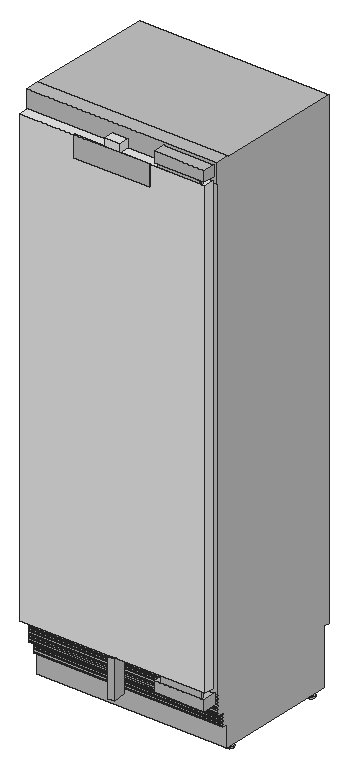
Revit family "FP-Revit18-RS7621SRHK1-Fridge-0-AU-EU-IE-NZ-UK-90001117A", category Specialty Equipment, Revit 2020
Family settings
  Round Connector Dimension = Use Diameter
  Part Type = Normal
  OmniClass Number = 23.40.40.11.11
  OmniClass Title = Refrigerators and Freezers
  Work Plane-Based = No
  Always vertical = Yes
  Cut with Voids When Loaded = Yes
  Shared = No
  Room Calculation Point = No
Parameters (values of type "RS7621SRHE1")
  Visibility - Water Connection = yes
  Visibility - Visibility Control Note = yes
  Visibility - Clearance Required = yes
  URL = "www.fisherpaykel.com"
  Stainless Steel Door Panels (RD7621R10D) = no
  Product - Width = 756 mm  # constant formula
  Product - Height = 2134 mm  # constant formula
  Product - Depth (exl front panel) = 610 mm  # constant formula
  Model = "RS7621SRHE1"
  Material - Handle = Fisher & Paykel - Aluminium
  Material - Door Structure = Fisher & Paykel - White
  Material - Door Front = Fisher & Paykel - Stainless Steel
  Material - Body = Fisher & Paykel - Grey
  Manufacturer = "Fisher & Paykel Appliances"
  Handle Style - Contemporary Square (AHD3-RD21) = no
  Handle Style - Contemporary Round (AHS-RD21) = no
  Description = "76cm Integrated Column Refrigerator with internal water, stainless steel interior"
  Default Elevation = 0 mm
  Connector Description - Water = "1/2 BSP Stainless steel braided hose"
  Connector Description - Electrical = "230 V,10 A fused electrical supply"
  Cavity - Width = 762 mm  # constant formula
  Cavity - Height = 2134 mm  # constant formula
  Cavity - Depth = 650 mm  # constant formula
Types (3, lengths in mm): name | Visibility - Water Connection | Model | Description | Connector Description - Water
  (no name) | yes | "RS7621SRHE1" | "76cm Integrated Column Refrigerator with internal water, stainless steel interior" | "1/2 BSP Stainless steel braided hose"
  RS7621SRK1 | no | "RS7621SRK1" | "76cm Integrated Column Refrigerator, stainless steel interior" | "Water Supply not required"
  RS7621SRHE1 | yes | "RS7621SRHE1" | "76cm Integrated Column Refrigerator with internal water, stainless steel interior" | "1/2 BSP Stainless steel braided hose"
Reference planes
  plane 1 "Datum": y = 0
  plane 2: z = 0
  plane 3 "Center (Left/Right)": x = 0
  plane 4 "Product LHS": x = -378
  plane 5 "Product RHS": x = 378
  plane 6 "Product - Depth": y = 610
  plane 7 "Cavity LHS": x = -381
  plane 8 "Cavity RHS": x = 381
  plane 9 "Cavity - Depth": y = 628
  plane 10 "Handle Offset": x = -315
  plane 11 "Product Height": z = 2134
  plane 12 "Cavity Height": z = 2134
  plane 13 "Door Panel Datum": y = -4.1
Forms (mm)
  Extrusion 1, solid, material "Fisher & Paykel - Grey" <- "Material - Body", detail levels fine
    sketch origin (0, 0, 0) x (0, 1, 0) y (0, 0, 1)
      loop
        line (100.1, 19.1) -> (587.9, 19.1) -> (587.9, 239.7) -> (610, 239.7) -> (610, 2131.9) -> (105.1, 2131.9) -> (105.1, 2134) -> (49.9, 2134) -> (49.9, 2059) -> (56, 2059) -> (56, 228.6) -> (59.5, 228.6) -> (59.5, 219.7) -> (56.5, 219.7) -> (56.5, 215.9) -> (59.5, 215.9) -> (59.5, 207) -> (56.5, 207) -> (56.5, 203.2) -> (59.5, 203.2) -> (59.5, 194.3) -> (56.5, 194.3) -> (56.5, 190.5) -> (59.5, 190.5) -> (59.5, 181.6) -> (56.5, 181.6) -> (56.5, 177.8) -> (59.5, 177.8) -> (59.5, 168.9) -> (56.5, 168.9) -> (56.5, 165.1) -> (59.5, 165.1) -> (59.5, 156.2) -> (56.5, 156.2) -> (56.5, 152.4) -> (84.1, 152.4) -> (84.1, 143.5) -> (81.1, 143.5) -> (81.1, 139.7) -> (84.1, 139.7) -> (84.1, 130.8) -> (81.1, 130.8) -> (81.1, 127) -> (84.1, 127) -> (84.1, 118.1) -> (81.1, 118.1) -> (81.1, 114.3) -> (84.1, 114.3) -> (84.1, 105.4) -> (81.1, 105.4) -> (81.1, 101.6) -> (100.1, 101.6) -> (100.1, 19.1)
    from -378 to 378
  Extrusion 2, solid, material "Fisher & Paykel - Grey" <- "Material - Body"
    sketch origin (0, 0, 0) x (1, 0, 0) y (0, 1, 0)
      loop
        circle (-357.5, 547.8) r 4.1
      loop
        circle (-357.5, 141.8) r 4.1
      loop
        circle (357.5, 547.8) r 4.1
      loop
        circle (357.5, 141.8) r 4.1
    from 3 to 19.1
  Extrusion 3, solid, material "Fisher & Paykel - Grey" <- "Material - Body"
    sketch origin (0, 0, 0) x (1, 0, 0) y (0, 1, 0)
      loop
        circle (-357.5, 547.8) r 14.5
      loop
        circle (-357.5, 141.8) r 14.555
      loop
        circle (357.5, 547.8) r 14.5
      loop
        circle (357.5, 141.8) r 14.555
    from 0 to 3
  Extrusion 4, solid, material "Fisher & Paykel - Grey" <- "Material - Body", detail levels fine
    sketch origin (0, 0, 0) x (1, 0, 0) y (0, 1, 0)
      loop
        line (-7.5, 49) -> (-13.797, -4.1) -> (13.797, -4.1) -> (7.5, 49) -> (-7.5, 49)
    from 104.2 to 254.2
  Extrusion 5, solid, material "Fisher & Paykel - Grey" <- "Material - Body", detail levels fine
    sketch origin (0, 0, 0) x (1, 0, 0) y (0, 0, 1)
      loop
        line (366.4, 2123.15) -> (168.42, 2123.15) -> (168.42, 2081.05) -> (366.4, 2081.05) -> (366.4, 2123.15)
    from -49 to -2.5
  Extrusion 6, solid, material "Fisher & Paykel - Grey" <- "Material - Body", detail levels fine
    sketch origin (0, 0, 0) x (0, 1, 0) y (0, 0, 1)
      loop
        line (0, 2070.6) -> (0, 1988.6) -> (2, 1988.6) -> (2, 2068.6) -> (4, 2068.6) -> (4, 2070.6) -> (0, 2070.6)
    from -150 to 150
  Extrusion 7, solid, material "Fisher & Paykel - Grey" <- "Material - Body"
    sketch origin (0, 0, 0) x (1, 0, 0) y (0, 0, 1)
      loop
        circle (303, 119.813) r 5
      loop
        circle (-303, 119.813) r 5
    from -590 to -587.9
  Extrusion 8, solid, material "Fisher & Paykel - White" <- "Material - Door Structure"
    sketch origin (0, 0, 0) x (1, 0, 0) y (0, 1, 0)
      loop
        line (-353, 56) -> (-353, 42) -> (353, 42) -> (353, 56) -> (-353, 56)
    from 269.6 to 2030.7
  Extrusion 9, solid, material "Fisher & Paykel - White" <- "Material - Door Structure"
    sketch origin (0, 0, 0) x (1, 0, 0) y (0, 1, 0)
      loop
        line (-369.4, 42) -> (-369.4, 3) -> (369.4, 3) -> (369.4, 42) -> (-369.4, 42)
    from 254.2 to 2068.6
  Extrusion 10, solid, material "Fisher & Paykel - White" <- "Material - Door Structure", detail levels fine
    sketch origin (0, 0, 0) x (1, 0, 0) y (0, 0, 1)
      loop
        line (-29.5, 2100.1) -> (-29.5, 2068.6) -> (29.5, 2068.6) -> (29.5, 2100.1) -> (-29.5, 2100.1)
    from -42 to -3
  Extrusion 11, solid, material "Fisher & Paykel - Stainless Steel" <- "Material - Door Front", visible <- "Stainless Steel Door Panels (RD7621R10D)"
    sketch origin (0, 0, 0) x (0, 1, 0) y (0, 0, 1)
      loop
        line (-22.1, 2130.8) -> (-22.1, 102) -> (-4.1, 102) -> (-4.1, 2130.8) -> (-22.1, 2130.8)
    from -378 to 378
  Extrusion 12, solid, material "Fisher & Paykel - Grey" <- "Material - Body", detail levels coarse+medium
    sketch origin (0, 0, 0) x (0, 1, 0) y (0, 0, 1)
      loop
        line (49.9, 2134) -> (49.9, 2059) -> (56, 2059) -> (56, 152.4) -> (81.1, 152.4) -> (81.1, 101.6) -> (100.1, 101.6) -> (100.1, 19.1) -> (587.9, 19.1) -> (587.9, 239.7) -> (610, 239.7) -> (610, 2134) -> (49.9, 2134)
    from -378 to 378
  Extrusion 13, solid, material "Fisher & Paykel - Grey" <- "Material - Body", detail levels fine
    sketch origin (0, 0, 0) x (1, 0, 0) y (0, 0, 1)
      loop
        line (366.4, 187.65) -> (366.4, 229.75) -> (168.42, 229.75) -> (168.42, 187.65) -> (366.4, 187.65)
    from -56 to -2.5
  Extrusion 14, solid, material "Fisher & Paykel - Grey" <- "Material - Body", detail levels fine
    sketch origin (0, 0, -4) x (0, 1, 0) y (0, 0, 1)
      loop
        arc (163.888, 23.1) -> (180.4, 13.63) -> (196.912, 23.1) r 19.13
        line (196.912, 23.1) -> (163.888, 23.1)
      loop
        arc (493.888, 23.1) -> (510.4, 13.63) -> (526.912, 23.1) r 19.13
        line (526.912, 23.1) -> (493.888, 23.1)
    from 191 to 219
  Extrusion 15, solid, material "Fisher & Paykel - Grey" <- "Material - Body", detail levels fine
    sketch origin (0, 0, -4) x (0, 1, 0) y (0, 0, -1)
      loop
        line (163.888, -23.1) -> (196.912, -23.1)
        arc (196.912, -23.1) -> (180.4, -13.63) -> (163.888, -23.1) r 19.13
      loop
        line (493.888, -23.1) -> (526.912, -23.1)
        arc (526.912, -23.1) -> (510.4, -13.63) -> (493.888, -23.1) r 19.13
    from 191 to 219
  Extrusion 16, solid, material "Fisher & Paykel - Clearance Required", visible <- "Visibility - Clearance Required", detail levels coarse
    sketch origin (0, 0, 0) x (1, 0, 0) y (0, 1, 0)
      loop
        line (-381, 628) -> (-381, -4.1) -> (381, -4.1) -> (381, 628) -> (-381, 628)
    from 0 to 2134
  Extrusion 17, void
    sketch origin (0, 0, 0) x (1, 0, 0) y (0, 1, 0)
      loop
        line (-381, 628) -> (-381, -22.1) -> (381, -22.1) -> (381, 628) -> (-381, 628)
    from 0 to 2134
  Extrusion 18, solid, material "Fisher & Paykel - Grey" <- "Material - Body", detail levels fine
    sketch origin (73, 0, 0) x (1, 0, 0) y (0, 0, 1)
      loop
        line (118.4, 254.2) -> (118.4, 229.75) -> (282.9, 229.75) -> (282.9, 254.2) -> (118.4, 254.2)
      loop
        line (106, 2081.05) -> (106, 2068.6) -> (282.9, 2068.6) -> (282.9, 2076.05) -> (242.9, 2081.05) -> (106, 2081.05)
    from -7 to -4
  Extrusion 19, solid, material "Fisher & Paykel - Clearance Required", visible <- "Visibility - Clearance Required", detail levels coarse
    sketch origin (0, 0, 0) x (1, 0, 0) y (0, 1, 0)
      loop
        line (-328.5, -22) -> (-377.998, -22)
        arc (-377.998, -22) -> (-22.041, -691.901) -> (734.607, -746.265) r 783.526
        line (734.607, -746.265) -> (712.602, -698.95) -> (738.875, -686.699)
        arc (738.875, -686.699) -> (747.815, -662.137) -> (723.253, -653.197) r 18.483
        line (723.253, -653.197) -> (697.006, -665.395) -> (415.929, -60.595)
        arc (415.929, -60.595) -> (380.987, -57.006) -> (378.07, -22) r 27.504
        line (378.07, -22) -> (-328.5, -22)
    from 0 to 2134
Lines and regions (mm)
  model lines, style "Fisher & Paykel"
    curve 1: line (-378, -4.1, 2130.8) -> (378, -4.1, 2130.8)
    curve 2: line (-378, -4.1, 102) -> (-378, -4.1, 2130.8)
    curve 3: line (378, -4.1, 102) -> (-378, -4.1, 102)
    curve 4: line (378, -4.1, 2130.8) -> (378, -4.1, 102)
Text (mm)
  text "Due to ongoing product development, product details are subject to change without notice. \nPlease always refer to www.fisherpaykel.com for the most current product information. \n© Fisher & Paykel 2020" at (41.04, -848.295, 0), in view "Ref. Level (Plan)"
Dimensions and locks
  equal spacing: plane 4 "Product LHS", plane 3 "Center (Left/Right)", plane 5 "Product RHS"
  "Product - Width": plane 4 "Product LHS" to plane 5 "Product RHS"
  "Product - Depth (exl front panel)": plane 1 "Datum" to plane 6 "Product - Depth"
  equal spacing: plane 7 "Cavity LHS", plane 3 "Center (Left/Right)", plane 8 "Cavity RHS"
  "Cavity - Width": plane 7 "Cavity LHS" to plane 8 "Cavity RHS"
  plane 4 "Product LHS" to Extrusion 2 sketch curve = 24.6 mm
  Extrusion 7 sketch curve to Extrusion 1 = 119.887 mm  (x2)
  Extrusion 7 sketch curve to plane 5 "Product RHS" = 75 mm
  plane 4 "Product LHS" to Extrusion 7 sketch curve = 75 mm
  Extrusion 1 sketch curve to Extrusion 1 sketch curve = 82.5 mm
  Extrusion 1 sketch curve to Extrusion 1 sketch curve = 209.5 mm
  Extrusion 1 sketch curve to Extrusion 1 sketch curve = 220.6 mm
  Extrusion 3 to level = 3 mm
  Extrusion 12 to Extrusion 9 = 235.1 mm
  Extrusion 12 to Extrusion 8 = 250.5 mm
  Extrusion 12 to Extrusion 12 = 2114.9 mm
  Extrusion 12 to Extrusion 11 = 82.9 mm
  "Product - Height": level to plane 11 "Product Height"
  plane 11 "Product Height" to Extrusion 11 = 3.2 mm
  Extrusion 9 to plane 11 "Product Height" = 65.4 mm
  Extrusion 8 to plane 11 "Product Height" = 103.3 mm
  Extrusion 12 sketch curve to plane 11 "Product Height" = 75 mm
  Extrusion 1 sketch curve to plane 11 "Product Height" = 2.1 mm
  Extrusion 1 sketch curve to plane 11 "Product Height" = 75 mm
  "Cavity - Height": plane 12 "Cavity Height" to level
  plane 1 "Datum" to Extrusion 16 = 628 mm
  plane 1 "Datum" to Extrusion 17 = 628 mm
  Extrusion 18 sketch curve to Extrusion 18 sketch curve = 40 mm
  Extrusion 18 sketch curve to plane 3 "Center (Left/Right)" = 179 mm
  Extrusion 18 sketch curve to Extrusion 18 sketch curve = 176.9 mm
  Extrusion 18 sketch curve to plane 3 "Center (Left/Right)" = 191.4 mm
  plane 3 "Center (Left/Right)" to Extrusion 18 sketch curve = 355.9 mm
  "Cavity - Depth": Extrusion 17 to Extrusion 19
  Extrusion 19 to plane 1 "Datum" = 22 mm
  radius of Extrusion 7 sketch curve = 5 mm
  aligned and locked: level to plane 2
  aligned and locked: Extrusion 11 to plane 5 "Product RHS"
  aligned and locked: plane 4 "Product LHS" to Extrusion 11
  aligned and locked: Extrusion 12 to plane 5 "Product RHS"
  aligned and locked: Extrusion 12 to plane 4 "Product LHS"
  aligned and locked: Extrusion 12 sketch curve to plane 11 "Product Height"
  aligned and locked: plane 11 "Product Height" to Extrusion 1 sketch curve
  aligned and locked: Extrusion 14 sketch curve to Extrusion 14 sketch curve
  aligned and locked: Extrusion 15 sketch curve to Extrusion 15 sketch curve
  aligned and locked: Extrusion 1 to plane 5 "Product RHS"
  aligned and locked: plane 4 "Product LHS" to Extrusion 1
  aligned and locked: Extrusion 12 sketch curve to Extrusion 1  (x4)
  aligned and locked: Extrusion 2 to Extrusion 1
  aligned and locked: nested 2 to plane 10 "Handle Offset"
  aligned and locked: nested 3 to plane 10 "Handle Offset"
Automatic sketch dimensions
  plane 1 "Datum" to Extrusion 4 sketch curve = 4.1 mm
  Extrusion 4 sketch curve to plane 3 "Center (Left/Right)" = 13.797 mm
  Extrusion 4 sketch curve to plane 3 "Center (Left/Right)" = 7.5 mm
  plane 3 "Center (Left/Right)" to Extrusion 4 sketch curve = 7.5 mm
  plane 3 "Center (Left/Right)" to Extrusion 4 sketch curve = 13.797 mm
  Extrusion 4 sketch curve to plane 1 "Datum" = 49 mm
  Extrusion 6 sketch curve to plane 1 "Datum" = 0 mm
  Extrusion 6 sketch curve to plane 1 "Datum" = 2 mm
  Extrusion 6 sketch curve to Extrusion 6 sketch curve = 2 mm  (x2)
  plane 11 "Product Height" to Extrusion 6 sketch curve = 145.4 mm
  plane 11 "Product Height" to Extrusion 6 sketch curve = 65.4 mm
  Extrusion 10 sketch curve to plane 3 "Center (Left/Right)" = 29.5 mm
  plane 3 "Center (Left/Right)" to Extrusion 10 sketch curve = 29.5 mm
  plane 11 "Product Height" to Extrusion 10 sketch curve = 65.4 mm
  Extrusion 10 sketch curve to Extrusion 10 sketch curve = 31.5 mm
  Extrusion 16 sketch curve to plane 7 "Cavity LHS" = 0 mm
  Extrusion 16 sketch curve to plane 8 "Cavity RHS" = 0 mm
  Extrusion 16 sketch curve to plane 9 "Cavity - Depth" = 0 mm
  plane 1 "Datum" to Extrusion 16 sketch curve = 4.1 mm
  Extrusion 17 sketch curve to plane 7 "Cavity LHS" = 0 mm
  Extrusion 17 sketch curve to plane 8 "Cavity RHS" = 0 mm
  plane 9 "Cavity - Depth" to Extrusion 17 sketch curve = 0 mm
  plane 1 "Datum" to Extrusion 17 sketch curve = 22.1 mm
  Extrusion 1 sketch curve to plane 6 "Product - Depth" = 0 mm
  Extrusion 1 sketch curve to Extrusion 1 sketch curve = 22.1 mm
  Extrusion 1 sketch curve to plane 1 "Datum" = 105.1 mm
  level to Extrusion 1 sketch curve = 19.1 mm
  Extrusion 1 sketch curve to plane 1 "Datum" = 100.1 mm
  Extrusion 1 sketch curve to Extrusion 1 sketch curve = 16 mm
  Extrusion 1 sketch curve to Extrusion 1 sketch curve = 0 mm  (x8)
  Extrusion 1 sketch curve to Extrusion 1 sketch curve = 3 mm  (x10)
  Extrusion 1 sketch curve to plane 1 "Datum" = 59.5 mm
  Extrusion 1 sketch curve to plane 1 "Datum" = 56 mm
  Extrusion 1 sketch curve to plane 1 "Datum" = 49.9 mm
  Extrusion 1 sketch curve to Extrusion 1 sketch curve = 3.8 mm  (x10)
  Extrusion 1 sketch curve to Extrusion 1 sketch curve = 8.9 mm  (x9)
  Extrusion 2 sketch curve to plane 4 "Product LHS" = 20.5 mm  (x2)
  plane 5 "Product RHS" to Extrusion 2 sketch curve = 20.5 mm  (x2)
  Extrusion 2 sketch curve to plane 1 "Datum" = 141.8 mm  (x2)
  Extrusion 2 sketch curve to plane 6 "Product - Depth" = 62.2 mm  (x2)
  Extrusion 3 sketch curve to plane 4 "Product LHS" = 20.5 mm  (x2)
  plane 5 "Product RHS" to Extrusion 3 sketch curve = 20.5 mm  (x2)
  Extrusion 3 sketch curve to plane 1 "Datum" = 141.8 mm  (x2)
  Extrusion 3 sketch curve to plane 6 "Product - Depth" = 62.2 mm  (x2)
  plane 11 "Product Height" to Extrusion 5 sketch curve = 10.85 mm
  Extrusion 5 sketch curve to plane 7 "Cavity LHS" = 549.42 mm
  plane 5 "Product RHS" to Extrusion 5 sketch curve = 11.6 mm
  Extrusion 5 sketch curve to Extrusion 5 sketch curve = 42.1 mm
  Extrusion 8 sketch curve to plane 4 "Product LHS" = 25 mm
  plane 5 "Product RHS" to Extrusion 8 sketch curve = 25 mm
  Extrusion 8 sketch curve to plane 1 "Datum" = 42 mm
  Extrusion 8 sketch curve to Extrusion 8 sketch curve = 14 mm
  Extrusion 9 sketch curve to plane 1 "Datum" = 3 mm
  Extrusion 9 sketch curve to plane 4 "Product LHS" = 8.6 mm
  plane 5 "Product RHS" to Extrusion 9 sketch curve = 8.6 mm
  Extrusion 9 sketch curve to Extrusion 9 sketch curve = 39 mm
  plane 1 "Datum" to Extrusion 11 sketch curve = 22.1 mm
  plane 1 "Datum" to Extrusion 11 sketch curve = 4.1 mm
  level to Extrusion 11 sketch curve = 102 mm
  plane 11 "Product Height" to Extrusion 11 sketch curve = 3.2 mm
  Extrusion 12 sketch curve to plane 6 "Product - Depth" = 0 mm
  Extrusion 12 sketch curve to plane 6 "Product - Depth" = 22.1 mm
  Extrusion 12 sketch curve to plane 1 "Datum" = 100.1 mm
  Extrusion 12 sketch curve to Extrusion 12 sketch curve = 19 mm
  Extrusion 12 sketch curve to plane 1 "Datum" = 56 mm
  Extrusion 12 sketch curve to plane 1 "Datum" = 49.9 mm
  Extrusion 12 sketch curve to Extrusion 12 sketch curve = 50.8 mm
  Extrusion 13 sketch curve to plane 7 "Cavity LHS" = 549.42 mm
  plane 5 "Product RHS" to Extrusion 13 sketch curve = 11.6 mm
  level to Extrusion 13 sketch curve = 187.65 mm
  Extrusion 13 sketch curve to Extrusion 13 sketch curve = 42.1 mm
  level to Extrusion 14 sketch curve = 19.1 mm
  Extrusion 14 sketch curve to plane 1 "Datum" = 163.888 mm
  Extrusion 14 sketch curve to Extrusion 14 sketch curve = 16.512 mm  (x2)
  Extrusion 14 sketch curve to plane 6 "Product - Depth" = 116.112 mm
  Extrusion 14 sketch curve to Extrusion 14 sketch curve = 9.66 mm  (x2)
  level to Extrusion 15 sketch curve = 19.1 mm
  Extrusion 15 sketch curve to plane 1 "Datum" = 163.888 mm
  Extrusion 15 sketch curve to Extrusion 15 sketch curve = 16.512 mm  (x2)
  Extrusion 15 sketch curve to plane 6 "Product - Depth" = 116.112 mm
  Extrusion 15 sketch curve to Extrusion 15 sketch curve = 9.66 mm  (x2)
  level to Extrusion 18 sketch curve = 229.75 mm
  Extrusion 18 sketch curve to Extrusion 18 sketch curve = 24.45 mm
  plane 11 "Product Height" to Extrusion 18 sketch curve = 65.4 mm
  Extrusion 18 sketch curve to Extrusion 18 sketch curve = 7.45 mm
  Extrusion 18 sketch curve to Extrusion 18 sketch curve = 5 mm
  Extrusion 19 sketch curve to plane 4 "Product LHS" = 0.002 mm
  plane 10 "Handle Offset" to Extrusion 19 sketch curve = 13.5 mm
  Extrusion 19 sketch curve to plane 5 "Product RHS" = 0.07 mm
  Extrusion 19 sketch curve to plane 8 "Cavity RHS" = 19.621 mm
  Extrusion 19 sketch curve to Extrusion 19 sketch curve = 4.795 mm
  Extrusion 19 sketch curve to Extrusion 19 sketch curve = 10.514 mm
  Extrusion 19 sketch curve to plane 8 "Cavity RHS" = 316.006 mm
  Extrusion 19 sketch curve to Extrusion 19 sketch curve = 15.596 mm
  Extrusion 19 sketch curve to Extrusion 19 sketch curve = 26.247 mm
  Extrusion 19 sketch curve to Extrusion 19 sketch curve = 7.811 mm  (x2)
  Extrusion 19 sketch curve to Extrusion 19 sketch curve = 22.005 mm
  plane 1 "Datum" to Extrusion 19 sketch curve = 746.265 mm
  Extrusion 19 sketch curve to Extrusion 19 sketch curve = 47.315 mm
  Extrusion 19 sketch curve to Extrusion 19 sketch curve = 12.251 mm
  Extrusion 19 sketch curve to Extrusion 19 sketch curve = 16.751 mm
  Extrusion 19 sketch curve to Extrusion 19 sketch curve = 12.198 mm
  Extrusion 19 sketch curve to Extrusion 19 sketch curve = 22.85 mm
  plane 5 "Product RHS" to curve 1 = 0 mm
  plane 4 "Product LHS" to curve 3 = 0 mm
  level to curve 3 = 102 mm
  plane 11 "Product Height" to curve 2 = 3.2 mm
  radius of Extrusion 2 sketch curve = 4.1 mm  (x3)
  radius of Extrusion 3 sketch curve = 14.5 mm  (x2)
  radius of Extrusion 3 sketch curve = 14.555 mm  (x2)
  radius of Extrusion 7 sketch curve = 5 mm
Nested families
  nested 1: "Visibility Control Note 18" at (0, 0, 0), visible <- "Visibility - Visibility Control Note", type "Visibility Control Note 18"
  nested 2: "Handle Contemporary Round - Vertical" at (-315, -22.1, 1242.58), visible <- "Handle Style - Contemporary Round (AHS-RD21)", type "AHS-RD21 - Contemporary round handle (Vertical) 852mm"
  nested 3: "Handle Contemporary Square - Vertical" at (-315, -22.1, 1242.58), visible <- "Handle Style - Contemporary Square (AHD3-RD21)", type "AHD3-RD21 - Contemporary square handle (Vertical) 852mm"
Connectors
  electrical at (-303, 590, 119.813), driven by "Connector Description - Electrical"
    settings: on Extrusion 7, index 1, voltage 230 V, apparent load 0 VA, apparent load phase1 0 VA, apparent load phase2 0 VA, apparent load phase3 0 VA, power factor 1, load classification "Other", number of poles 1, system type 30, power factor state 1, is connector primary yes, connector utility no, sub classification motor no, connector description "230 V,10 A fused electrical supply"
  piping at (303, 590, 119.813), diameter 12.7, driven by "Visibility - Water Connection", driven by "Connector Description - Water"
    settings: on Extrusion 7, index 2, connector inside diameter 609.6 mm, connector length 0 mm, flow factor 0, pipe flow 0.0 L/s, pressure drop 0.0 Pa, fitting loss kfactor 0, connector angle 0.00°, fixture units 0, engagement length 0 mm, angle of deflection 0.00°, flow configuration 0, flow direction 1, fitting loss method 0, system type 20, joint type 0, gender type 0, connector reference index -1, connector utility 1, adjustable connector no, is connector primary yes, connector description "1/2 BSP Stainless steel braided hose"
Definition of nested family "Handle Contemporary Round - Vertical"
  Parameters (values of type "AHSRS80A - Contemporary round handle (1 of 2) (Vertical) 727mm")
    URL = "www.fisherpaykel.com"
    Material - Handle = none
    Manufacturer = "Fisher & Paykel Appliances"
    Handle - Length = 727 mm
    Default Elevation = 0 mm
  Types (6, lengths in mm): name | Handle - Length
    AHS-RD21 - Contemporary round handle (Vertical) 852mm | 852
    AHSRD2484W - Contemporary round handle (1 of 2) (Vertical) 727mm | 727
    AHSRD3084W - Contemporary round handle (1 of 2) (Vertical) 727mm | 727
    AHS-RD84 - Contemporary round handle (Vertical) 852mm | 852
    AHSRS3272A - Contemporary round handle (1 of 2) (Vertical) 727mm | 727
    AHSRS80A - Contemporary round handle (1 of 2) (Vertical) 727mm | 727
  Reference planes
    plane 1 "Center (Front/Back)": y = 0
    plane 2: z = 0
    plane 3 "Center (Left/Right)": x = 0
    plane 4 "Top": z = 363.5
    plane 5 "Bottom": z = -363.5
    plane 6 "Top Standoff": z = 243.5
    plane 7 "Bottom Standoff": z = -243.5
  Forms (mm)
    Extrusion 1, solid, material <- "Material - Handle"
      sketch origin (0, 0, 0) x (1, 0, 0) y (0, 1, 0)
        loop
          circle (0, -32.3) r 8.7
      from -243.5 to 243.5
    Extrusion 2, solid, material <- "Material - Handle", detail levels fine
      sketch origin (0, 0, 0) x (1, 0, 0) y (0, 1, 0)
        loop
          line (-8.7, 0) -> (-8.7, -32.3)
          arc (-8.7, -32.3) -> (0, -41) -> (8.7, -32.3) r 8.7
          line (8.7, -32.3) -> (8.7, 0) -> (-8.7, 0)
      from 243.5 to 363.5
    Extrusion 3, solid, material <- "Material - Handle", detail levels fine
      sketch origin (0, 0, 0) x (1, 0, 0) y (0, 1, 0)
        loop
          line (-8.7, 0) -> (-8.7, -32.3)
          arc (-8.7, -32.3) -> (0, -41) -> (8.7, -32.3) r 8.7
          line (8.7, -32.3) -> (8.7, 0) -> (-8.7, 0)
      from -363.5 to -243.5
    Sweep 4, void
      path in 3D
        loop
          line (8.7, 0, -363.5) -> (8.7, -32.3, -363.5)
          arc (8.7, -32.3, -363.5) -> (0, -41, -363.5) -> (-8.7, -32.3, -363.5) r 8.7
          line (-8.7, -32.3, -363.5) -> (-8.7, 0, -363.5)
      profile origin (8.7, -16.15, -363.5) x (-1, 0, 0) y (0, 0, -1)
        loop
          line (0, 0) -> (0, -1) -> (1, 0) -> (0, 0)
    Sweep 5, void
      path in 3D
        loop
          line (-8.7, 0, 363.5) -> (-8.7, -32.3, 363.5)
          arc (-8.7, -32.3, 363.5) -> (0, -41, 363.5) -> (8.7, -32.3, 363.5) r 8.7
          line (8.7, -32.3, 363.5) -> (8.7, 0, 363.5)
      profile origin (8.7, -16.15, 363.5) x (-1, 0, 0) y (0, 0, 1)
        loop
          line (0, 0) -> (0, -1) -> (1, 0) -> (0, 0)
    Extrusion 6, solid, material <- "Material - Handle", detail levels coarse+medium
      sketch origin (0, 0, 0) x (1, 0, 0) y (0, 1, 0)
        loop
          line (-8.7, 0) -> (-8.7, -32.3)
          arc (-8.7, -32.3) -> (0, -41) -> (8.7, -32.3) r 8.7
          line (8.7, -32.3) -> (8.7, 0) -> (-8.7, 0)
      from 243.5 to 363.5
    Extrusion 7, solid, material <- "Material - Handle", detail levels coarse+medium
      sketch origin (0, 0, 0) x (1, 0, 0) y (0, 1, 0)
        loop
          line (-8.7, 0) -> (-8.7, -32.3)
          arc (-8.7, -32.3) -> (0, -41) -> (8.7, -32.3) r 8.7
          line (8.7, -32.3) -> (8.7, 0) -> (-8.7, 0)
      from -363.5 to -243.5
  Cuts and joins
    Sweep 4 cuts Extrusion 3
    Sweep 5 cuts Extrusion 2
  Lines and regions (mm)
    sketch lines
      curve 1: line (8.7, 0, -363.5) -> (8.7, -32.3, -363.5)
      curve 2: arc (-8.7, -32.3, -363.5) -> (0, -41, -363.5) -> (8.7, -32.3, -363.5) r 8.7
      curve 3: line (-8.7, -32.3, -363.5) -> (-8.7, 0, -363.5)
      curve 4: line (8.7, -32.3, 363.5) -> (8.7, 0, 363.5)
      curve 5: arc (8.7, -32.3, 363.5) -> (0, -41, 363.5) -> (-8.7, -32.3, 363.5) r 8.7
      curve 6: line (-8.7, 0, 363.5) -> (-8.7, -32.3, 363.5)
  Dimensions and locks
    equal spacing: plane 4 "Top", level, plane 5 "Bottom"
    "Handle - Length": plane 4 "Top" to plane 5 "Bottom"
    locked: plane 4 "Top" to plane 6 "Top Standoff" at 120
    locked: plane 7 "Bottom Standoff" to plane 5 "Bottom" at 120
    Extrusion 2 sketch curve to Extrusion 2 sketch curve = 17.4 mm
    Extrusion 3 sketch curve to Extrusion 3 sketch curve = 17.4 mm
    Extrusion 6 sketch curve to Extrusion 6 sketch curve = 17.4 mm
    Extrusion 7 sketch curve to Extrusion 7 sketch curve = 17.4 mm
    aligned and locked: level to plane 2
    aligned and locked: plane 4 "Top" to Extrusion 2
    aligned and locked: Extrusion 3 to plane 5 "Bottom"
    aligned and locked: plane 7 "Bottom Standoff" to Extrusion 3
    aligned and locked: Extrusion 1 to plane 7 "Bottom Standoff"
    aligned and locked: plane 6 "Top Standoff" to Extrusion 1
    aligned and locked: Extrusion 2 to Extrusion 1
    aligned and locked: Extrusion 6 to Extrusion 1
    aligned and locked: plane 4 "Top" to Extrusion 6
    aligned and locked: Extrusion 7 to Extrusion 1
    aligned and locked: Extrusion 7 to plane 5 "Bottom"
  Automatic sketch dimensions
    Extrusion 1 sketch curve to plane 3 "Center (Left/Right)" = 0 mm
    plane 1 "Center (Front/Back)" to Extrusion 1 sketch curve = 32.3 mm
    plane 1 "Center (Front/Back)" to Extrusion 2 sketch curve = 0 mm
    Extrusion 2 sketch curve to plane 3 "Center (Left/Right)" = 0 mm
    Extrusion 2 sketch curve to plane 3 "Center (Left/Right)" = 8.7 mm
    plane 1 "Center (Front/Back)" to Extrusion 2 sketch curve = 32.3 mm
    plane 1 "Center (Front/Back)" to Extrusion 3 sketch curve = 0 mm
    Extrusion 3 sketch curve to plane 3 "Center (Left/Right)" = 0 mm
    Extrusion 3 sketch curve to plane 3 "Center (Left/Right)" = 8.7 mm
    plane 1 "Center (Front/Back)" to Extrusion 3 sketch curve = 32.3 mm
    Sweep 4 sketch curve to profile plane = 0 mm  (x2)
    Sweep 4 sketch curve to profile plane = 1 mm  (x2)
    Sweep 5 sketch curve to profile plane = 0 mm  (x2)
    Sweep 5 sketch curve to profile plane = 1 mm  (x2)
    Extrusion 6 sketch curve to plane 3 "Center (Left/Right)" = 0 mm
    Extrusion 6 sketch curve to plane 3 "Center (Left/Right)" = 8.7 mm
    plane 1 "Center (Front/Back)" to Extrusion 6 sketch curve = 32.3 mm
    Extrusion 6 sketch curve to Extrusion 6 sketch curve = 32.3 mm
    Extrusion 7 sketch curve to plane 3 "Center (Left/Right)" = 0 mm
    Extrusion 7 sketch curve to plane 3 "Center (Left/Right)" = 8.7 mm
    plane 1 "Center (Front/Back)" to Extrusion 7 sketch curve = 32.3 mm
    Extrusion 7 sketch curve to Extrusion 7 sketch curve = 32.3 mm
    radius of Extrusion 1 sketch curve = 8.7 mm
Definition of nested family "Handle Contemporary Square - Vertical"
  Parameters (values of type "AHD3RS80A - Contemporary square handle (1 of 2) (Vertical) 727mm")
    URL = "www.fisherpaykel.com"
    Material - Handle = none
    Manufacturer = "Fisher & Paykel Appliances"
    Handle - Length = 727 mm
    Default Elevation = 0 mm
  Types (7, lengths in mm): name | Handle - Length
    (no name) | 727
    AHD3-RD21 - Contemporary square handle (Vertical) 852mm | 852
    AHD3RD2484W - Contemporary square handle (1 of 2) (Vertical) 727mm | 727
    AHD3RD3084W - Contemporary square handle (1 of 2) (Vertical) 727mm | 727
    AHD3-RD84 - Contemporary square handle (Vertical) 852mm | 852
    AHD3RS3272A - Contemporary square handle (1 of 2) (Vertical) 727mm | 727
    AHD3RS80A - Contemporary square handle (1 of 2) (Vertical) 727mm | 727
  Reference planes
    plane 1 "Center (Front/Back)": y = 0
    plane 2: z = 0
    plane 3 "Center (Left/Right)": x = 0
    plane 4 "Top": z = 363.5
    plane 5 "Bottom": z = -363.5
    plane 6 "Top Standoff": z = 243.5
    plane 7 "Bottom Standoff": z = -243.5
  Forms (mm)
    Extrusion 1, solid, material <- "Material - Handle", detail levels fine
      sketch origin (0, 0, 0) x (1, 0, 0) y (0, 1, 0)
        loop
          arc (-7.583, -28.701) -> (-7.89, -29.057) -> (-8, -29.514) r 1
          line (-8, -29.514) -> (-8, -40.5)
          arc (-8, -40.5) -> (-7.561, -41.561) -> (-6.5, -42) r 1.5
          line (-6.5, -42) -> (6.5, -42)
          arc (6.5, -42) -> (7.561, -41.561) -> (8, -40.5) r 1.5
          line (8, -40.5) -> (8, -29.487)
          arc (8, -29.487) -> (7.889, -29.029) -> (7.58, -28.673) r 1
          arc (7.58, -28.673) -> (-0.006, -26.256) -> (-7.583, -28.701) r 13.038
      from -363.5 to 363.5
    Extrusion 2, solid, material <- "Material - Handle", detail levels fine
      sketch origin (0, 0, 0) x (1, 0, 0) y (0, 1, 0)
        loop
          arc (7.058, -28.23) -> (7.466, -28.244) -> (7.674, -27.893) r 0.4
          line (7.674, -27.893) -> (7.674, 0) -> (-7.674, 0) -> (-7.674, -27.86)
          arc (-7.674, -27.86) -> (-7.467, -28.21) -> (-7.06, -28.198) r 0.4
          arc (-7.06, -28.198) -> (0.004, -26.156) -> (7.058, -28.23) r 13.136
      from 243.5 to 363.5
    Extrusion 3, solid, material <- "Material - Handle", detail levels fine
      sketch origin (0, 0, 0) x (1, 0, 0) y (0, 1, 0)
        loop
          arc (7.058, -28.23) -> (7.466, -28.244) -> (7.674, -27.893) r 0.4
          line (7.674, -27.893) -> (7.674, 0) -> (-7.674, 0) -> (-7.674, -27.86)
          arc (-7.674, -27.86) -> (-7.467, -28.21) -> (-7.06, -28.198) r 0.4
          arc (-7.06, -28.198) -> (0.004, -26.156) -> (7.058, -28.23) r 13.136
      from -363.5 to -243.5
    Sweep 4, void
      path in 3D
        loop
          line (-8, -29.514, 363.5) -> (-8, -40.5, 363.5)
          arc (-8, -40.5, 363.5) -> (-7.561, -41.561, 363.5) -> (-6.5, -42, 363.5) r 1.5
          line (-6.5, -42, 363.5) -> (6.5, -42, 363.5)
          arc (6.5, -42, 363.5) -> (7.561, -41.561, 363.5) -> (8, -40.5, 363.5) r 1.5
          line (8, -40.5, 363.5) -> (8, -29.487, 363.5)
      profile origin (8, -34.994, 363.5) x (-1, 0, 0) y (0, 0, 1)
        loop
          line (0, 0) -> (0, -1.3) -> (1.3, 0) -> (0, 0)
    Sweep 5, void
      path in 3D
        loop
          line (8, -29.487, -363.5) -> (8, -40.5, -363.5)
          arc (8, -40.5, -363.5) -> (7.561, -41.561, -363.5) -> (6.5, -42, -363.5) r 1.5
          line (6.5, -42, -363.5) -> (-6.5, -42, -363.5)
          arc (-6.5, -42, -363.5) -> (-7.561, -41.561, -363.5) -> (-8, -40.5, -363.5) r 1.5
          line (-8, -40.5, -363.5) -> (-8, -29.514, -363.5)
      profile origin (8, -34.994, -363.5) x (-1, 0, 0) y (0, 0, -1)
        loop
          line (0, 0) -> (0, -1.3) -> (1.3, 0) -> (0, 0)
    Extrusion 6, void
      sketch origin (0, 0, 0) x (1, 0, 0) y (0, 0, 1)
        loop
          line (-8, -362.2) -> (-8, -363.5) -> (-6.7, -363.5) -> (-8, -362.2)
        loop
          line (8, -362.2) -> (6.7, -363.5) -> (8, -363.5) -> (8, -362.2)
      from 0 to 40
    Extrusion 7, void
      sketch origin (0, 0, 0) x (1, 0, 0) y (0, 0, 1)
        loop
          line (-8, 363.5) -> (-8, 362.2) -> (-6.7, 363.5) -> (-8, 363.5)
        loop
          line (8, 363.5) -> (6.7, 363.5) -> (8, 362.2) -> (8, 363.5)
      from 0 to 40
    Extrusion 8, solid, material <- "Material - Handle", detail levels coarse+medium
      sketch origin (0, 0, 0) x (0, 1, 0) y (0, 0, 1)
        loop
          line (0, 363.5) -> (-42, 363.5) -> (-42, -363.5) -> (0, -363.5) -> (0, -243.5) -> (-26.245, -243.5) -> (-26.245, 243.5) -> (0, 243.5) -> (0, 363.5)
      from -8 to 8
  Cuts and joins
    Sweep 4, Sweep 5, Extrusion 6, Extrusion 7 cuts Extrusion 1
    Extrusion 6 cuts Extrusion 3
    Extrusion 7 cuts Extrusion 2
  Lines and regions (mm)
    sketch lines
      curve 1: line (8, -40.5, 363.5) -> (8, -29.487, 363.5)
      curve 2: arc (8, -40.5, 363.5) -> (7.561, -41.561, 363.5) -> (6.5, -42, 363.5) r 1.5
      curve 3: line (-6.5, -42, 363.5) -> (6.5, -42, 363.5)
      curve 4: arc (-6.5, -42, 363.5) -> (-7.561, -41.561, 363.5) -> (-8, -40.5, 363.5) r 1.5
      curve 5: line (-8, -29.514, 363.5) -> (-8, -40.5, 363.5)
      curve 6: line (8, -29.487, -363.5) -> (8, -40.5, -363.5)
      curve 7: arc (6.5, -42, -363.5) -> (7.561, -41.561, -363.5) -> (8, -40.5, -363.5) r 1.5
      curve 8: line (6.5, -42, -363.5) -> (-6.5, -42, -363.5)
      curve 9: arc (-8, -40.5, -363.5) -> (-7.561, -41.561, -363.5) -> (-6.5, -42, -363.5) r 1.5
      curve 10: line (-8, -40.5, -363.5) -> (-8, -29.514, -363.5)
  Dimensions and locks
    equal spacing: plane 4 "Top", level, plane 5 "Bottom"
    "Handle - Length": plane 4 "Top" to plane 5 "Bottom"
    locked: plane 4 "Top" to plane 6 "Top Standoff" at 120
    locked: plane 7 "Bottom Standoff" to plane 5 "Bottom" at 120
    aligned and locked: level to plane 2
    aligned and locked: plane 4 "Top" to Extrusion 2
    aligned and locked: Extrusion 2 to plane 6 "Top Standoff"
    aligned and locked: plane 4 "Top" to Extrusion 1
    aligned and locked: Extrusion 1 to plane 5 "Bottom"
    aligned and locked: Extrusion 3 to plane 5 "Bottom"
    aligned and locked: plane 7 "Bottom Standoff" to Extrusion 3
    aligned and locked: plane 4 "Top" to Extrusion 8 sketch curve
    aligned and locked: plane 6 "Top Standoff" to Extrusion 8 sketch curve
    aligned and locked: plane 7 "Bottom Standoff" to Extrusion 8 sketch curve
    aligned and locked: plane 5 "Bottom" to Extrusion 8 sketch curve
    aligned and locked: plane 1 "Center (Front/Back)" to Extrusion 8 sketch curve  (x2)
  Automatic sketch dimensions
    Extrusion 1 sketch curve to plane 3 "Center (Left/Right)" = 8 mm
    Extrusion 1 sketch curve to Extrusion 1 sketch curve = 1 mm  (x2)
    Extrusion 1 sketch curve to Extrusion 1 sketch curve = 1.5 mm
    plane 3 "Center (Left/Right)" to Extrusion 1 sketch curve = 0.018 mm
    plane 3 "Center (Left/Right)" to Extrusion 1 sketch curve = 6.5 mm
    plane 3 "Center (Left/Right)" to Extrusion 1 sketch curve = 7 mm
    plane 1 "Center (Front/Back)" to Extrusion 1 sketch curve = 42 mm
    Extrusion 1 sketch curve to Extrusion 1 sketch curve = 1.206 mm
    Extrusion 1 sketch curve to Extrusion 1 sketch curve = 10.986 mm
    Extrusion 1 sketch curve to Extrusion 1 sketch curve = 11.013 mm
    Extrusion 1 sketch curve to Extrusion 1 sketch curve = 0 mm
    plane 1 "Center (Front/Back)" to Extrusion 2 sketch curve = 0 mm
    Extrusion 2 sketch curve to plane 3 "Center (Left/Right)" = 7.674 mm
    Extrusion 2 sketch curve to Extrusion 2 sketch curve = 0.4 mm  (x2)
    Extrusion 2 sketch curve to plane 3 "Center (Left/Right)" = 0.026 mm
    plane 3 "Center (Left/Right)" to Extrusion 2 sketch curve = 7.274 mm
    plane 1 "Center (Front/Back)" to Extrusion 2 sketch curve = 27.86 mm
    Extrusion 2 sketch curve to Extrusion 2 sketch curve = 0.033 mm
    Extrusion 2 sketch curve to Extrusion 2 sketch curve = 11.398 mm
    Extrusion 2 sketch curve to Extrusion 2 sketch curve = 0 mm
    plane 1 "Center (Front/Back)" to Extrusion 3 sketch curve = 0 mm
    Extrusion 3 sketch curve to Extrusion 3 sketch curve = 0.4 mm  (x2)
    Extrusion 3 sketch curve to Extrusion 3 sketch curve = 7.248 mm
    Extrusion 3 sketch curve to Extrusion 3 sketch curve = 7.3 mm
    plane 1 "Center (Front/Back)" to Extrusion 3 sketch curve = 27.86 mm
    Extrusion 3 sketch curve to Extrusion 3 sketch curve = 0.033 mm
    Extrusion 3 sketch curve to Extrusion 3 sketch curve = 11.398 mm
    Extrusion 3 sketch curve to Extrusion 3 sketch curve = 0 mm
    Sweep 4 sketch curve to profile plane = 0 mm  (x2)
    Sweep 4 sketch curve to profile plane = 1.3 mm  (x2)
    Sweep 5 sketch curve to profile plane = 0 mm  (x2)
    Sweep 5 sketch curve to profile plane = 1.3 mm  (x2)
    Extrusion 6 sketch curve to plane 5 "Bottom" = 0 mm  (x2)
    plane 5 "Bottom" to Extrusion 6 sketch curve = 1.3 mm  (x2)
    Extrusion 6 sketch curve to plane 3 "Center (Left/Right)" = 8 mm
    Extrusion 6 sketch curve to Extrusion 6 sketch curve = 1.3 mm  (x2)
    plane 3 "Center (Left/Right)" to Extrusion 6 sketch curve = 8 mm
    Extrusion 7 sketch curve to plane 4 "Top" = 0 mm  (x2)
    Extrusion 7 sketch curve to plane 3 "Center (Left/Right)" = 8 mm
    Extrusion 7 sketch curve to Extrusion 7 sketch curve = 1.3 mm  (x2)
    plane 3 "Center (Left/Right)" to Extrusion 7 sketch curve = 8 mm
    Extrusion 7 sketch curve to plane 4 "Top" = 1.3 mm  (x2)
    plane 1 "Center (Front/Back)" to Extrusion 8 sketch curve = 26.245 mm
    plane 1 "Center (Front/Back)" to Extrusion 8 sketch curve = 42 mm
    Extrusion 3 sketch curve to plane 3 "Center (Left/Right)" = 7.674 mm
Definition of nested family "Visibility Control Note 18"
  Types (3): name
    New
    Resolved
    Active
  Reference planes
    plane 1: y = 0
    plane 2: x = 0
  Text (mm)
    text "Edit Type: \nTo control handle kit \nand door panel visibility\n options\n\nDelete unwanted kits \nto reduce file size" at (-0.165, 35.556, 0)
